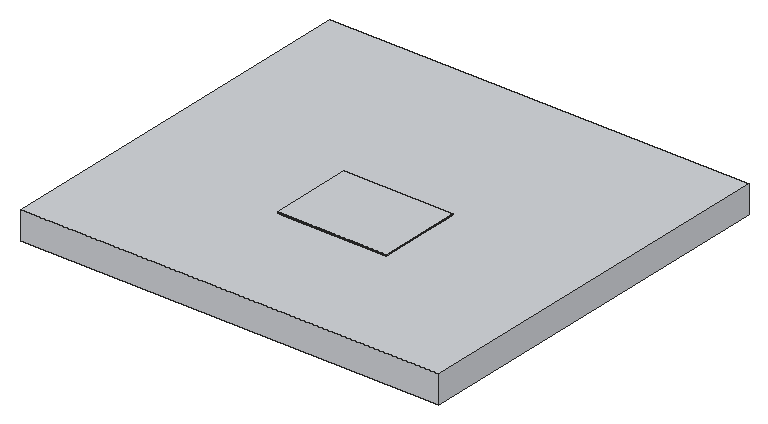
Revit family
Parameters
  Width = 0' - 1 15/16"
  URL = "www.coldspringgranite.com"
  TypicalJointSize = 0' - 0 1/4"
  StoneMaterial = none
  SettingSpace = AirGap + Width  # 0' - 3"
  QuirkMiterAngleTop = if(QuirkMiterTopOn, (Width - NetQuirkMiter + QuirkMiter), 0' 0")  # 0' - 0"
  QuirkMiterAngleRight = if(QuirkMiterRightOn, (Width - NetQuirkMiter + QuirkMiter), 0' 0")  # 0' - 2.11428"
  QuirkMiterAngleLeft = if(QuirkMiterLeftOn, (Width - NetQuirkMiter + QuirkMiter), 0' 0")  # 0' - 2.11428"
  QuirkMiterAngleBottom = if(QuirkMiterBottomOn, (Width - NetQuirkMiter + QuirkMiter), 0' 0")  # 0' - 2.11428"
  QuirkMiter = 0' - 0 1/2"
  Product Name = "Wall Facing Stone Panels with Quirk Mitered Edges"
  Product Documentation Link = "http://www.coldspringgranite.com/BIM_Families/Family_Detail/Wall_Facing_Stone_Panels_with_Quirk_Mitered_Edges/"
  PhoneNumber = "800-551-7502"
  Notes = ""
  NetQuirkMiter = QuirkMiter - sqrt(2 * (TypicalJointSize / 2) ^ 2)  # 0' - 0.32322"
  Model = "N/A"
  Manufacturer = "Cold Spring Granite Company"
  Low Emitting Material = yes
  Low Emitting Finish = yes
  Location = "17482 Granite West Road, Cold Spring, MN 56320-4578"
  Length = 4' - 0"
  LEED Credit = ""
  Keynote = "044256"
  QuirkMiterTopOn = no
  QuirkMiterTop = if(QuirkMiterTopOn, QuirkMiter, 0' 0")  # 0' - 0"
  QuirkMiterRightOn = yes
  QuirkMiterRight = if(QuirkMiterRightOn, QuirkMiter, 0' 0")  # 0' - 0 1/2"
  QuirkMiterLeftOn = yes
  QuirkMiterLeft = if(QuirkMiterLeftOn, QuirkMiter, 0' 0")  # 0' - 0 1/2"
  QuirkMiterBottomOn = yes
  QuirkMiterBottom = if(QuirkMiterBottomOn, QuirkMiter, 0' 0")  # 0' - 0 1/2"
  Height = 3' - 0"
  Description = "Stone Wall Facing"
  Default Elevation = 0' - 0"
  Assembly Code = "B2010160"
  AirGap = 0' - 1 1/16"
Reference planes (in)
  plane 1 "Center (Front/Back)": y = 0
  plane 2 "Backup": z = 0
  plane 3 "Center (Left/Right)": x = 0
  plane 4 "StoneTop": y = 36
  plane 5 "StoneRight": x = 47.5
  plane 6 "StoneLeft": x = 0.5
  plane 7 "StoneBottom": y = 0.5
  plane 8 "StoneBack": z = 1.0625
  plane 9 "StoneFace": z = 3
  plane 10 "Right": x = 48
  plane 11 "Top": y = 36
  plane 12 "StoneLeftBack": x = 2.11428
  plane 13 "StoneRightBack": x = 45.88572
  plane 14 "StoneBottomBack": y = 2.11428
  plane 15 "StoneTopBack": y = 36
  plane 16 "StoneQuirkMiter": z = 2.67678
Forms (in)
  Extrusion 1, solid
    sketch origin (0, 0, 0) x (1, 0, 0) y (0, 1, 0)
      loop
        line (-71, 118) -> (-71, -48) -> (108.63542, -48) -> (108.63542, 118) -> (-71, 118)
    from 0 to -12
  Extrusion 2, solid, material <- "StoneMaterial", detail levels coarse
    sketch origin (0, 0, 1.0625) x (0, 1, 0) y (-1, 0, 0)
      loop
        line (36, 0) -> (0, 0) -> (0, -48) -> (36, -48) -> (36, 0)
    from 0 to 1.9375
  Extrusion 3, solid, material <- "StoneMaterial", detail levels medium+fine
    sketch origin (0, 0, 1.0625) x (0, 1, 0) y (-1, 0, 0)
      loop
        line (36, -0.5) -> (0.5, -0.5) -> (0.5, -47.5) -> (36, -47.5) -> (36, -0.5)
    from 1.61428 to 1.9375
  Blend 4, solid, material <- "StoneMaterial", detail levels medium+fine
    base sketch origin (0, 0, 1.0625) x (0, 1, 0) y (-1, 0, 0)
      loop
        line (36, -2.11428) -> (2.11428, -2.11428) -> (2.11428, -45.88572) -> (36, -45.88572) -> (36, -2.11428)
    top sketch origin (0, 0, 1.0625) x (0, 1, 0) y (-1, 0, 0)
      loop
        line (36, -0.5) -> (0.5, -0.5) -> (0.5, -47.5) -> (36, -47.5) -> (36, -0.5)
    from 0 to 1.61428
Lines and regions (in)
  Masking region 1, detail levels coarse
    outline origin (0, 0, 1.0625) x (0, 1, 0) y (-1, 0, 0)
      loop
        line (36, 0) -> (0, 0) -> (0, -48) -> (36, -48) -> (36, 0)
  Masking region 2, detail levels medium+fine
    outline origin (0, 0, 1.0625) x (0, 1, 0) y (-1, 0, 0)
      loop
        line (36, -0.5) -> (0.5, -0.5) -> (0.5, -47.5) -> (36, -47.5) -> (36, -0.5)
  Masking region 3, detail levels coarse
    outline origin (0, 36, 0) x (1, 0, 0) y (0, 0, 1)
      loop
        line (48, 3) -> (0, 3) -> (0, 1.0625) -> (48, 1.0625) -> (48, 3)
  Masking region 4, detail levels coarse
    outline origin (0.5, 0, 0) x (0, 1, 0) y (0, 0, 1)
      loop
        line (36, 3) -> (0, 3) -> (0, 1.0625) -> (36, 1.0625) -> (36, 3)
  Masking region 5, detail levels medium+fine
    outline origin (0, 36, 0) x (1, 0, 0) y (0, 0, 1)
      loop
        line (47.5, 2.67678) -> (47.5, 3) -> (0.5, 3) -> (0.5, 2.67678) -> (2.11428, 1.0625) -> (45.88572, 1.0625) -> (47.5, 2.67678)
  Masking region 6, detail levels medium+fine
    outline origin (0.5, 0, 0) x (0, 1, 0) y (0, 0, 1)
      loop
        line (36, 2.67678) -> (36, 3) -> (0.5, 3) -> (0.5, 2.67678) -> (2.11428, 1.0625) -> (36, 1.0625) -> (36, 2.67678)
  Masking region 7, detail levels coarse
    outline origin (0, 0.5, 0) x (-1, 0, 0) y (0, 0, 1)
      loop
        line (0, 3) -> (-48, 3) -> (-48, 1.0625) -> (0, 1.0625) -> (0, 3)
  Masking region 8, detail levels medium+fine
    outline origin (0, 0.5, 0) x (-1, 0, 0) y (0, 0, 1)
      loop
        line (-0.5, 2.67678) -> (-0.5, 3) -> (-47.5, 3) -> (-47.5, 2.67678) -> (-45.88572, 1.0625) -> (-2.11428, 1.0625) -> (-0.5, 2.67678)
  Masking region 9, detail levels coarse
    outline origin (47.5, 0, 0) x (0, 1, 0) y (0, 0, 1)
      loop
        line (0, 3) -> (0, 1.0625) -> (36, 1.0625) -> (36, 3) -> (0, 3)
  Masking region 10, detail levels medium+fine
    outline origin (47.5, 0, 0) x (0, 1, 0) y (0, 0, 1)
      loop
        line (0.5, 2.67678) -> (2.11428, 1.0625) -> (36, 1.0625) -> (36, 2.67678) -> (36, 3) -> (0.5, 3) -> (0.5, 2.67678)
Dimensions and locks (in)
  "Width": plane 9 "StoneFace" to plane 8 "StoneBack"
  "SettingSpace": plane 9 "StoneFace" to plane 2 "Backup"
  "QuirkMiterBottom": plane 1 "Center (Front/Back)" to plane 7 "StoneBottom"
  "QuirkMiterTop": plane 4 "StoneTop" to plane 11 "Top"
  "QuirkMiterLeft": plane 3 "Center (Left/Right)" to plane 6 "StoneLeft"
  "QuirkMiterRight": plane 5 "StoneRight" to plane 10 "Right"
  "Height": plane 11 "Top" to plane 1 "Center (Front/Back)"
  "Length": plane 3 "Center (Left/Right)" to plane 10 "Right"
  "QuirkMiterAngleLeft": plane 3 "Center (Left/Right)" to plane 12 "StoneLeftBack"
  "QuirkMiterAngleRight": plane 13 "StoneRightBack" to plane 10 "Right"
  "QuirkMiterAngleTop": plane 11 "Top" to plane 15 "StoneTopBack"
  "QuirkMiterAngleBottom": plane 1 "Center (Front/Back)" to plane 14 "StoneBottomBack"
  "NetQuirkMiter": plane 16 "StoneQuirkMiter" to plane 9 "StoneFace"
  aligned and locked: Extrusion 1 to plane 2 "Backup"
  aligned and locked: Extrusion 1 to level
  aligned and locked: Extrusion 2 to plane 3 "Center (Left/Right)"
  aligned and locked: plane 11 "Top" to Extrusion 2
  aligned and locked: plane 10 "Right" to Extrusion 2
  aligned and locked: plane 1 "Center (Front/Back)" to Extrusion 2
  aligned and locked: Extrusion 2 to plane 8 "StoneBack"
  aligned and locked: plane 9 "StoneFace" to Extrusion 2
  aligned and locked: Extrusion 3 to plane 6 "StoneLeft"
  aligned and locked: Extrusion 3 to plane 4 "StoneTop"
  aligned and locked: plane 5 "StoneRight" to Extrusion 3
  aligned and locked: Extrusion 3 to plane 7 "StoneBottom"
  aligned and locked: Extrusion 3 to plane 16 "StoneQuirkMiter"
  aligned and locked: plane 9 "StoneFace" to Extrusion 3
  aligned and locked: plane 4 "StoneTop" to Blend 4 sketch curve
  aligned and locked: plane 6 "StoneLeft" to Blend 4 sketch curve
  aligned and locked: plane 7 "StoneBottom" to Blend 4 sketch curve
  aligned and locked: Blend 4 sketch curve to plane 5 "StoneRight"
  aligned and locked: Blend 4 sketch curve to plane 15 "StoneTopBack"
  aligned and locked: plane 12 "StoneLeftBack" to Blend 4 sketch curve
  aligned and locked: plane 14 "StoneBottomBack" to Blend 4 sketch curve
  aligned and locked: Blend 4 sketch curve to plane 13 "StoneRightBack"
  aligned and locked: plane 16 "StoneQuirkMiter" to Blend 4
  aligned and locked: Blend 4 to plane 8 "StoneBack"
  aligned and locked: plane 3 "Center (Left/Right)" to Masking region 1 sketch curve
  aligned and locked: Masking region 1 sketch curve to plane 11 "Top"
  aligned and locked: Masking region 1 sketch curve to plane 10 "Right"
  aligned and locked: Masking region 1 sketch curve to plane 1 "Center (Front/Back)"
  aligned and locked: plane 4 "StoneTop" to Masking region 2 sketch curve
  aligned and locked: plane 6 "StoneLeft" to Masking region 2 sketch curve
  aligned and locked: plane 7 "StoneBottom" to Masking region 2 sketch curve
  aligned and locked: Masking region 2 sketch curve to plane 5 "StoneRight"
  aligned and locked: Masking region 3 sketch curve to plane 9 "StoneFace"
  aligned and locked: Masking region 3 sketch curve to plane 10 "Right"
  aligned and locked: plane 3 "Center (Left/Right)" to Masking region 3 sketch curve
  aligned and locked: plane 8 "StoneBack" to Masking region 3 sketch curve
  aligned and locked: Masking region 4 sketch curve to plane 9 "StoneFace"
  aligned and locked: Masking region 4 sketch curve to plane 11 "Top"
  aligned and locked: plane 8 "StoneBack" to Masking region 4 sketch curve
  aligned and locked: Masking region 4 sketch curve to plane 1 "Center (Front/Back)"
  aligned and locked: plane 16 "StoneQuirkMiter" to Masking region 5 sketch curve  (x2)
  aligned and locked: plane 8 "StoneBack" to Masking region 5 sketch curve  (x2)
  aligned and locked: plane 13 "StoneRightBack" to Masking region 5 sketch curve
  aligned and locked: plane 6 "StoneLeft" to Masking region 5 sketch curve
  aligned and locked: plane 12 "StoneLeftBack" to Masking region 5 sketch curve
  aligned and locked: plane 5 "StoneRight" to Masking region 5 sketch curve
  aligned and locked: plane 9 "StoneFace" to Masking region 5 sketch curve
  aligned and locked: plane 4 "StoneTop" to Masking region 6 sketch curve  (x2)
  aligned and locked: plane 16 "StoneQuirkMiter" to Masking region 6 sketch curve  (x2)
  aligned and locked: plane 15 "StoneTopBack" to Masking region 6 sketch curve
  aligned and locked: plane 7 "StoneBottom" to Masking region 6 sketch curve
  aligned and locked: plane 8 "StoneBack" to Masking region 6 sketch curve  (x2)
  aligned and locked: plane 14 "StoneBottomBack" to Masking region 6 sketch curve
  aligned and locked: plane 9 "StoneFace" to Masking region 6 sketch curve
  aligned and locked: plane 3 "Center (Left/Right)" to Masking region 7 sketch curve
  aligned and locked: Masking region 7 sketch curve to plane 9 "StoneFace"
  aligned and locked: Masking region 7 sketch curve to plane 10 "Right"
  aligned and locked: plane 8 "StoneBack" to Masking region 7 sketch curve
  aligned and locked: plane 6 "StoneLeft" to Masking region 8 sketch curve  (x2)
  aligned and locked: plane 16 "StoneQuirkMiter" to Masking region 8 sketch curve  (x2)
  aligned and locked: plane 12 "StoneLeftBack" to Masking region 8 sketch curve
  aligned and locked: plane 8 "StoneBack" to Masking region 8 sketch curve  (x2)
  aligned and locked: plane 5 "StoneRight" to Masking region 8 sketch curve  (x2)
  aligned and locked: plane 13 "StoneRightBack" to Masking region 8 sketch curve
  aligned and locked: plane 9 "StoneFace" to Masking region 8 sketch curve
  aligned and locked: Masking region 9 sketch curve to plane 1 "Center (Front/Back)"
  aligned and locked: Masking region 9 sketch curve to plane 9 "StoneFace"
  aligned and locked: plane 8 "StoneBack" to Masking region 9 sketch curve
  aligned and locked: Masking region 9 sketch curve to plane 11 "Top"
  aligned and locked: plane 7 "StoneBottom" to Masking region 10 sketch curve
  aligned and locked: plane 16 "StoneQuirkMiter" to Masking region 10 sketch curve  (x2)
  aligned and locked: plane 14 "StoneBottomBack" to Masking region 10 sketch curve
  aligned and locked: plane 4 "StoneTop" to Masking region 10 sketch curve
  aligned and locked: plane 8 "StoneBack" to Masking region 10 sketch curve
  aligned and locked: plane 15 "StoneTopBack" to Masking region 10 sketch curve
  aligned and locked: Masking region 10 sketch curve to plane 9 "StoneFace"
  aligned and locked: Masking region 10 sketch curve to plane 8 "StoneBack"
  aligned and locked: Masking region 10 sketch curve to plane 7 "StoneBottom"
Automatic sketch dimensions
  Extrusion 1 sketch curve to Extrusion 1 sketch curve = 14' - 11.63542"
  Extrusion 1 sketch curve to Extrusion 1 sketch curve = 13' - 10"
  Extrusion 2 sketch curve to plane 1 "Center (Front/Back)" = 0' - 0"
  plane 11 "Top" to Extrusion 2 sketch curve = 0' - 0"
  Extrusion 2 sketch curve to plane 10 "Right" = 0' - 0"
  Extrusion 2 sketch curve to plane 3 "Center (Left/Right)" = 0' - 0"
  Extrusion 3 sketch curve to plane 14 "StoneBottomBack" = 0' - 1.61428"
  plane 15 "StoneTopBack" to Extrusion 3 sketch curve = 0' - 0"
  plane 13 "StoneRightBack" to Extrusion 3 sketch curve = 0' - 1.61428"
  Extrusion 3 sketch curve to plane 12 "StoneLeftBack" = 0' - 1.61428"
Nested families (in)
  nested 1: "CopyRight" at (0, 0, 1.0625), type "CopyRight"
Definition of nested family "CopyRight"
  Parameters (values of type "CopyRight")
    CopyRight = "Cold Spring Granite Company"
  Reference planes (in)
    plane 1: z = 0
